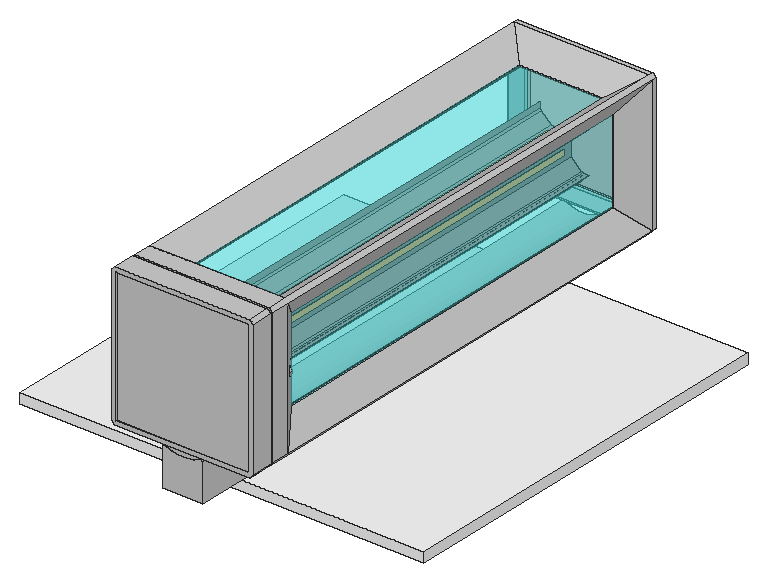
Revit family "BE_24505_de_DE", category Leuchten, Revit 2015
Parameters (values of type "BEGA_24505_Silber_K4")
  built-in parameter 1150104 = 17.754 (stored number, unit not read)
  Wattage = 11.7 W
  Default Elevation = 0 mm
  built-in parameter 1150113 = 1 (stored number, unit not read)
  built-in parameter 1114218 = 1 (stored number, unit not read)
  Umgebungstemperatur = "25 °C"
  URL = "http://www.bega.de/produkt/24505"
  Typenkommentare = "© 2017 BEGA. Wir behalten uns das Recht vor, technische Änderungen ohne vorherige Ankündigung vorzunehmen."  # constant formula
  Type Image = 24505.png
  built-in parameter 1150134 = 12
  built-in parameter 1150109 = 1 (stored number, unit not read)
  Strom = ""
  built-in parameter 1150110 = 1 (stored number, unit not read)
  Spannung = 239.996 V
  Sonderanfertigung = no
  Seriennummer [instance] = "Hier können Sie die eindeutige Seriennummer für das Facility Management eintragen."
  Schutzklasse = "I"
  Schutzart = "IP 65"
  Scheinlast = 0 VA
  Produktdatenblatt = "http://www.bega.de/download/Xrfa/db/24505.db.de.pdf"
  Oberflächentemperatur = ""
  Neigungswinkel = 0.00°
  Modell = "24505AK4"
  Material_17 = BEGA_Reflektor
  Material_15 = BEGA_Leuchtmedium_matt
  Material_12 = BEGA_Kunststoff_klar
  Material_11 = BEGA_Glas_opal
  Material_09 = BEGA_Glas_klar
  Material_06 = BEGA_Oberfläche_Edelstahl_gebürstet
  Material_05 = BEGA_Aluminium Guss
  Material_03 = BEGA_Oberfläche_Weiss_matt
  Material_02 = BEGA_Oberfläche_Silber_matt
  Material_01 [instance] = BEGA_Oberfläche_Grafit_matt
  M_W = no
  M_G = no
  M_A = yes
  Logo = 0
  built-in parameter 1114217 = 1 (stored number, unit not read)
  built-in parameter 1150139 = (empty or 0)
  built-in parameter 1150105 = 177.92 (stored number, unit not read)
  built-in parameter 1150114 = 1 (stored number, unit not read)
  Lumens = 2235.87 lm
  built-in parameter 1150115 = 1 (stored number, unit not read)
  Leuchtenlichtstrom = "1190 lm"
  Leuchtenanzahl = ""
  Lebensdauerkriterien = "L70B50 @ 25 °C = 500000 h"
  Lastklassifizierung = Beleuchtung
  built-in parameter 1150112 = 1 (stored number, unit not read)
  Lampenlichtstrom = "2235 lm"
  Lampe = "LED 11.7 W"
  LED_Modulbezeichnung = "3x LED-0701/840"
  built-in parameter 1150142 = (empty or 0)
  Hersteller = "BEGA"  # constant formula
  Halbstreuwinkel = ""
  Gewicht = "5.1 kg"
  Gebrauchslageneinschränkung [instance] = ""
  Frequenz = "0/50-60 Hz"
  Farbwiedergabeindex = "Ra > 80"
  Farbtemperaturverschiebung bei Dämpfen der Lampe = <Keine Auswahl>
  Farbtemperatur = "4000 K"
  Color Filter = 16777215
  built-in parameter 1150133 = 10 (stored number, unit not read)
  Energieeffizienzklasse = "LED A++ - A"
  built-in parameter 1150137 = (empty or 0)
  built-in parameter 1150132 = (empty or 0)
  ENEC = ""
  Dimmbar [instance] = ""
  Datei für fotometrisches Netz = "BE_24505K4.IES"
  CE_Konformität = "ja"
  Bestellnummer = "24505AK4"
  Beschreibung_Sonderanfertigung = "Hier können Sie Informationen zur Sonderanfertigung eintragen."
  Beschreibung = "Wandleuchte"
  built-in parameter 1150106 = 1.7792 (stored number, unit not read)
  Befestigungsbohrung = "Ø 6 mm"
  Befestigungsabstand = "310 mm"
  Ballwurfsicher = ""
  BEGA_Intern_aus = yes
  BEGA_Intern_an = yes
  BEGA_Intern_Konstruktion = yes
  BEGA_Intern = yes
  BEGA_IES = yes
  BEGA_Dummy = no
  Anschlussleitung = ""
  Anschlussleistung [instance] = "14.6 W"
  Anschlusskasten = ""
  built-in parameter 1150107 = 4000 (stored number, unit not read)
  built-in parameter 1150102 = (empty or 0)
  built-in parameter 1150138 = (empty or 0)
  Aktualisierung = "2017-06-26T04:08:37"
  Abstand_zur_angestrahlten_Fläche [instance] = ""
  AC/DC = "AC/DC"
Types (4, lengths in mm): name | built-in parameter 1150104 | built-in parameter 1150134 | Modell | M_G | M_A | built-in parameter 1150105 | Lumens | Leuchtenlichtstrom | Lampenlichtstrom | LED_Modulbezeichnung | Farbtemperatur | Datei für fotometrisches Netz | Bestellnummer | built-in parameter 1150106 | built-in parameter 1150107
  BEGA_24505_Grafit_K4 | 17.744 (stored number, unit not read) | 12 | "24505K4" | yes | no | 177.83 (stored number, unit not read) | 2234.7 lm | "1190 lm" | "2235 lm" | "3x LED-0701/840" | "4000 K" | "BE_24505K4.IES" | "24505K4" | 1.7783 (stored number, unit not read) | 4000 (stored number, unit not read)
  BEGA_24505_Silber_K3 | 17.271 (stored number, unit not read) | (empty or 0) | "24505A" | no | yes | 173.08 (stored number, unit not read) | 2175.03 lm | "1158 lm" | "2175 lm" | "3x LED-0701/830" | "3000 K" | "BE_24505.IES" | "24505A" | 1.7308 (stored number, unit not read) | 3000 (stored number, unit not read)
  BEGA_24505_Grafit_K3 | 17.271 (stored number, unit not read) | (empty or 0) | "24505" | yes | no | 173.08 (stored number, unit not read) | 2175.03 lm | "1158 lm" | "2175 lm" | "3x LED-0701/830" | "3000 K" | "BE_24505.IES" | "24505" | 1.7308 (stored number, unit not read) | 3000 (stored number, unit not read)
  BEGA_24505_Silber_K4 | 17.754 (stored number, unit not read) | 12 | "24505AK4" | no | yes | 177.92 (stored number, unit not read) | 2235.87 lm | "1190 lm" | "2235 lm" | "3x LED-0701/840" | "4000 K" | "BE_24505K4.IES" | "24505AK4" | 1.7792 (stored number, unit not read) | 4000 (stored number, unit not read)
Reference planes
  plane 1 "Mitte (Vorne/Hinten)": y = 0
  plane 2: z = 0
  plane 3 "Mitte (Links/Rechts)": x = 0
  plane 4 "Links": x = -70.161
  plane 5 "Rechts": x = 70.161
  plane 6 "Unten": y = -249
  plane 7 "Oben": y = 249
  plane 8 "Vorne": z = 180.15
  plane 9 "Hinten": z = 0
Forms (mm)
  Extrusion 1, solid, material "BEGA_Platte_Weiss"
    sketch origin (0, -1119.2, 0) x (1, 0, 0) y (0, 1, 0)
      loop
        line (-200, 1319.2) -> (-200, 919.2) -> (200, 919.2) -> (200, 1319.2) -> (-200, 1319.2)
    from 0 to -10
  Extrusion 2, solid, material "BEGA_Dummy_matt", visible <- "BEGA_Dummy"
    sketch origin (80.095, -76.023, 0) x (1, 0, 0) y (0, 1, 0)
      loop
        line (-150.256, 325.023) -> (-150.256, -172.977) -> (-9.935, -172.977) -> (-9.935, 325.023) -> (-150.256, 325.023)
    from 0 to 180.15
Dimensions and locks
  plane 1 "Mitte (Vorne/Hinten)" to Extrusion 1 = 200 mm
  aligned and locked: plane 2 to Extrusion 1
  aligned and locked: level to Extrusion 1
Nested families
  nested 1: "BE_24505" at (0, 0, 0) x (0, -1, 0) z (0, 0, 1), type "BE_24505"
Connectors
  electrical at (0, 0, 0), driven by "Lastklassifizierung", driven by "Spannung", driven by "Scheinlast"
    settings: index 1, voltage 239.996 V, apparent load 0 VA, apparent load phase1 0 VA, apparent load phase2 0 VA, apparent load phase3 0 VA, power factor 1, load classification "Beleuchtung", number of poles 1, system type 31, power factor state 1, is connector primary yes, connector utility no, sub classification motor no, connector description ""
Definition of nested family "BE_24505"
  Parameters (values of type "BE_24505")
    Default Elevation = 1 mm
    URL = "http://www.bega.de/de/produkt"
    Type Comments = "© 2015 BEGA. Wir behalten uns das Recht vor, technische Änderungen ohne vorherige Ankündigung vorzunehmen. "  # constant formula
    Type Image = (empty or 0)
    Neigungswinkel_um_Z2 = 0.00°
    Neigungswinkel_um_Z1 = 0.00°
    Neigungswinkel_um_Y2 = 0.00°
    Neigungswinkel_um_Y1 = 0.00°
    Neigungswinkel_um_X2 = 0.00°
    Neigungswinkel_um_X1 = 0.00°
    Material_17 = none
    Material_15 = none
    Material_12 = none
    Material_11 = none
    Material_09 = none
    Material_06 = none
    Material_05 = none
    Material_02 = none
    Material_01 = none
    M_W = yes
    M_G = yes
    M_A = yes
    Länge_Platte = 600 mm  # constant formula
    Höhe_Platte = -10 mm  # constant formula
    Manufacturer = "BEGA"  # constant formula
    Drehwinkel_um_Z2 = 0.00°
    Drehwinkel_um_Z1 = 0.00°
    Breite_Platte = 200 mm  # constant formula
  Reference planes
    plane 1 "Mitte (Oben/Unten)": y = 0
    plane 2: z = 0
    plane 3 "Mitte (Links/Rechts)": x = 0
    plane 4: x = -249
    plane 5: x = 249
    plane 6: z = 180.15
    plane 7: y = -70.161
    plane 8: y = 70.161
  Forms (mm)
    Extrusion 1, solid, detail levels medium
      sketch origin (0, 0, 0) x (1, 0, 0) y (0, 1, 0)
        loop
          line (-300, 100) -> (-300, -100) -> (300, -100) -> (300, 100) -> (-300, 100)
      from 0 to -10 <- "Höhe_Platte"
    Sweep 2, solid, material <- "Material_01", visible <- "M_G", detail levels medium+fine
      path origin (0, 0, 0) x (0, 1, 0) y (0, 0, 1)
        loop
          line (70.146, 180.15) -> (-70.15, 180.15) -> (-70.15, 39.85) -> (70.184, 39.85) -> (70.146, 180.15)
      profile origin (0, -0.002, 180.15) x (0, 0, -1) y (1, 0, 0)
        loop
          line (0, -244.532) -> (0, -249) -> (18.685, -249) -> (18.685, -219) -> (17.568, -219) -> (0, -244.532)
    Extrusion 3, solid, material <- "Material_01", visible <- "M_G", detail levels medium+fine
      sketch origin (0, 0, 0) x (1, 0, 0) y (0, 0, 1)
        loop
          line (-249, 161.465) -> (-249, 58.535) -> (-245.054, 58.535) -> (-245.054, 161.465) -> (-249, 161.465)
      from -52.595 to 51.465
    Extrusion 4, solid, material <- "Material_01", visible <- "M_G", detail levels medium+fine
      sketch origin (0, 0, 0) x (0, 1, 0) y (0, 0, 1)
        loop
          line (-18.15, 39.381) -> (-19.981, 37.55) -> (-19.981, 0) -> (-17.481, 0) -> (-17.481, 32) -> (17.568, 32) -> (17.568, 0) -> (20.019, 0) -> (20.019, 37.55) -> (18.176, 39.394)
          arc (18.176, 39.394) -> (0.014, 35.001) -> (-18.15, 39.381) r 39.8
      from -244.532 to 248.5
    Extrusion 5, solid, material <- "Material_01", visible <- "M_G", detail levels medium+fine
      sketch origin (-442, 0, 0) x (0, 1, 0) y (0, 0, 1)
        loop
          line (20.019, 0) -> (20.019, 32) -> (-19.981, 32) -> (-19.981, 0) -> (20.019, 0)
      from 202.986 to 197.468
    Extrusion 6, solid, material <- "Material_01", visible <- "M_G", detail levels medium+fine
      sketch origin (221, 0, 0) x (0, -1, 0) y (0, 0, -1)
        loop
          line (-19.039, -39.85) -> (19.039, -39.85)
          arc (19.039, -39.85) -> (0, -35.001) -> (-19.039, -39.85) r 39.8
      from 25.992 to 27.5
    Sweep 7, solid, material <- "Material_01", visible <- "M_G", detail levels medium+fine
      path origin (0, 0, 0) x (0, 1, 0) y (0, 0, 1)
        loop
          line (70.167, 180.17) -> (-70.17, 180.17) -> (-70.17, 39.83) -> (70.204, 39.83) -> (70.167, 180.17)
      profile origin (0, -0.002, 180.17) x (0, 0, -1) y (1, 0, 0)
        loop
          line (0.02, 249) -> (0.02, 227.5) -> (2.708, 227.5) -> (2.708, 224.393) -> (0.051, 224.393) -> (0.051, 205.979) -> (17.378, 180.943) -> (18.674, 180.943) -> (18.674, 205.66) -> (4.17, 205.66) -> (4.17, 249) -> (0.02, 249)
    Extrusion 8, solid, material <- "Material_01", visible <- "M_G", detail levels medium+fine
      sketch origin (0, 0, 0) x (1, 0, 0) y (0, 0, 1)
        loop
          line (245, 176) -> (245, 44) -> (248, 44) -> (248, 176) -> (245, 176)
      from -66.032 to 66
    Extrusion 9, solid, material <- "Material_01", visible <- "M_G", detail levels medium+fine
      sketch origin (0, 0, 0) x (0, 1, 0) y (0, 0, 1)
        loop
          line (66.713, 180.12) -> (41.667, 162.582) -> (52.585, 162.582) -> (52.585, 151.671) -> (70.117, 176.708) -> (70.117, 180.12) -> (66.713, 180.12)
        loop
          line (-66.713, 180.12) -> (-70.117, 180.12) -> (-70.117, 176.708) -> (-52.585, 151.671) -> (-52.585, 162.582) -> (-41.667, 162.582) -> (-66.713, 180.12)
        loop
          line (66.713, 39.881) -> (70.117, 39.881) -> (70.117, 43.292) -> (52.585, 68.329) -> (52.585, 57.418) -> (41.667, 57.418) -> (66.713, 39.881)
        loop
          line (-66.713, 39.881) -> (-41.667, 57.418) -> (-52.585, 57.418) -> (-52.585, 68.329) -> (-70.117, 43.292) -> (-70.117, 39.881) -> (-66.713, 39.881)
      from -244.532 to 207.82
    Extrusion 10, solid, material <- "Material_01", visible <- "M_G", detail levels medium+fine
      sketch origin (0, 0, 0) x (1, 0, 0) y (0, 1, 0)
        loop
          line (-166.3, 17.568) -> (-166.3, -17.481) -> (-132.3, -17.481) -> (-132.3, 17.568) -> (-166.3, 17.568)
        loop
          arc (-147.91, -3) -> (-137.8, 0) -> (-147.91, 3) r 5.5
          line (-147.91, 3) -> (-157.3, 3)
          arc (-157.3, 3) -> (-160.3, 0) -> (-157.3, -3) r 3
          line (-157.3, -3) -> (-147.91, -3)
        loop
          line (177.7, 17.568) -> (143.7, 17.568) -> (143.7, -17.481) -> (177.7, -17.481) -> (177.7, 17.568)
        loop
          arc (161.59, -3) -> (171.7, 0) -> (161.59, 3) r 5.5
          line (161.59, 3) -> (152.2, 3)
          arc (152.2, 3) -> (149.2, 0) -> (152.2, -3) r 3
          line (152.2, -3) -> (161.59, -3)
      from 0.19 to 3
    Revolve 11, void
      sketch origin (0, 0, 0) x (1, 0, 0) y (0, 0, 1)
        loop
          line (221, 49.352) -> (221, 28.319) -> (226, 28.319) -> (226, 49.352) -> (221, 49.352)
        axis (226, 49.352) -> (226, 28.319)
      angle from 0 to 360
    Extrusion 12, solid, material <- "Material_12", detail levels medium+fine
      sketch origin (0, 0, 0) x (0, 1, 0) y (0, 0, 1)
        loop
          line (45, 160) -> (-45, 160)
          arc (-45, 160) -> (-48.536, 158.536) -> (-50, 155) r 5
          line (-50, 155) -> (-50, 65)
          arc (-50, 65) -> (-48.536, 61.464) -> (-45, 60) r 5
          line (-45, 60) -> (45, 60)
          arc (45, 60) -> (48.536, 61.464) -> (50, 65) r 5
          line (50, 65) -> (50, 155)
          arc (50, 155) -> (48.536, 158.536) -> (45, 160) r 5
        loop
          line (45, 157) -> (-45, 157)
          arc (-45, 157) -> (-46.414, 156.414) -> (-47, 155) r 2
          line (-47, 155) -> (-47, 65)
          arc (-47, 65) -> (-46.414, 63.586) -> (-45, 63) r 2
          line (-45, 63) -> (45, 63)
          arc (45, 63) -> (46.414, 63.586) -> (47, 65) r 2
          line (47, 65) -> (47, 155)
          arc (47, 155) -> (46.414, 156.414) -> (45, 157) r 2
      from -236.305 to 210.868
    Extrusion 13, solid, material <- "Material_15", detail levels medium+fine
      sketch origin (0, 0, 0) x (1, 0, 0) y (0, 0, 1)
        loop
          line (-205.546, 122.05) -> (167.5, 122.05) -> (167.5, 123.025) -> (-205.546, 123.025) -> (-205.546, 122.05)
      from 2.75 to -2.75
    Extrusion 14, solid, material <- "Material_05", detail levels medium+fine
      sketch origin (0, 0, 0) x (0, 1, 0) y (0, 0, 1)
        loop
          line (9.5, 120.5) -> (-9.5, 120.5) -> (-19.228, 130.228)
          arc (-19.228, 130.228) -> (-19.878, 131.201) -> (-20.107, 132.349) r 3
          line (-20.107, 132.349) -> (-20.107, 137.99)
          arc (-20.107, 137.99) -> (-21.129, 136.902) -> (-21.5, 135.456) r 3
          line (-21.5, 135.456) -> (-21.5, 134)
          arc (-21.5, 134) -> (-22.379, 131.879) -> (-24.5, 131) r 3
          line (-24.5, 131) -> (-25.956, 131)
          arc (-25.956, 131) -> (-27.402, 130.629) -> (-28.489, 129.607) r 3
          line (-28.489, 129.607) -> (-22.849, 129.607)
          arc (-22.849, 129.607) -> (-21.696, 129.377) -> (-20.721, 128.721) r 3
          line (-20.721, 128.721) -> (-11, 119) -> (-11, 100) -> (-20.721, 90.28)
          arc (-20.721, 90.28) -> (-21.696, 89.624) -> (-22.849, 89.394) r 3
          line (-22.849, 89.394) -> (-28.489, 89.394)
          arc (-28.489, 89.394) -> (-27.402, 88.372) -> (-25.956, 88) r 3
          line (-25.956, 88) -> (-24.5, 88)
          arc (-24.5, 88) -> (-22.379, 87.122) -> (-21.5, 85) r 3
          line (-21.5, 85) -> (-21.5, 83.544)
          arc (-21.5, 83.544) -> (-21.129, 82.099) -> (-20.107, 81.011) r 3
          line (-20.107, 81.011) -> (-20.107, 86.651)
          arc (-20.107, 86.651) -> (-19.878, 87.799) -> (-19.228, 88.772) r 3
          line (-19.228, 88.772) -> (-9.5, 98.5) -> (9.5, 98.5) -> (19.228, 88.772)
          arc (19.228, 88.772) -> (19.878, 87.799) -> (20.107, 86.651) r 3
          line (20.107, 86.651) -> (20.107, 81.011)
          arc (20.107, 81.011) -> (21.129, 82.099) -> (21.5, 83.544) r 3
          line (21.5, 83.544) -> (21.5, 85)
          arc (21.5, 85) -> (22.379, 87.122) -> (24.5, 88) r 3
          line (24.5, 88) -> (25.956, 88)
          arc (25.956, 88) -> (27.402, 88.372) -> (28.489, 89.394) r 3
          line (28.489, 89.394) -> (22.849, 89.394)
          arc (22.849, 89.394) -> (21.696, 89.624) -> (20.721, 90.28) r 3
          line (20.721, 90.28) -> (11, 100) -> (11, 119) -> (20.721, 128.721)
          arc (20.721, 128.721) -> (21.696, 129.377) -> (22.849, 129.607) r 3
          line (22.849, 129.607) -> (28.489, 129.607)
          arc (28.489, 129.607) -> (27.402, 130.629) -> (25.956, 131) r 3
          line (25.956, 131) -> (24.5, 131)
          arc (24.5, 131) -> (22.379, 131.879) -> (21.5, 134) r 3
          line (21.5, 134) -> (21.5, 135.456)
          arc (21.5, 135.456) -> (21.129, 136.902) -> (20.107, 137.99) r 3
          line (20.107, 137.99) -> (20.107, 132.349)
          arc (20.107, 132.349) -> (19.878, 131.201) -> (19.228, 130.228) r 3
          line (19.228, 130.228) -> (9.5, 120.5)
      from -218 to 185.411
    Extrusion 15, void
      sketch origin (0, 0, 0) x (0, 1, 0) y (0, 0, 1)
        loop
          line (-60.75, 116.169) -> (-67.462, 116.169) -> (-67.462, 103.831) -> (-60.75, 103.831)
          arc (-60.75, 103.831) -> (-54.421, 110) -> (-60.75, 116.169) r 6.171
        loop
          arc (60.75, 116.169) -> (54.421, 110) -> (60.75, 103.831) r 6.171
          line (60.75, 103.831) -> (67.462, 103.831) -> (67.462, 116.169) -> (60.75, 116.169)
      from 180.943 to 201.245
    Extrusion 16, solid, material <- "Material_06", detail levels fine
      sketch origin (0, 0, 0) x (0, 1, 0) y (0, 0, 1)
        loop
          circle (60.75, 110) r 5
        loop
          circle (-60.75, 110) r 5
      from 195.728 to 203.776
    Revolve 17, void
      sketch origin (0, -56.95, 0) x (1, 0, 0) y (0, 0, -1)
        loop
          line (-248.004, -56.25) -> (-246.427, -56.25) -> (-246.427, -53.05) -> (-249.014, -53.05) -> (-249.014, -57.26) -> (-248.004, -56.25)
        axis (-249.014, -53.05) -> (-246.427, -53.05)
      angle from 0 to 360
    Revolve 18, solid, material <- "Material_06", detail levels fine
      sketch origin (0, -56.95, 0) x (1, 0, 0) y (0, 0, -1)
        loop
          line (-249, -57.216) -> (-248.013, -56.229) -> (-248.013, -53.05) -> (-249, -53.05) -> (-249, -57.216)
        axis (-249, -53.05) -> (-248, -53.05)
      angle from 0 to 360
    Extrusion 19, solid, material <- "Material_15", detail levels medium+fine
      sketch origin (0, -135.575, 109.777) x (1, 0, 0) y (0, 0.999998, -0.002156)
        loop
          line (-205.546, 122.05) -> (167.5, 122.05) -> (167.5, 123.025) -> (-205.546, 123.025) -> (-205.546, 122.05)
      from 2.75 to -2.75
    Extrusion 20, solid, material <- "Material_15", detail levels medium+fine
      sketch origin (0, 135.575, 109.777) x (1, 0, 0) y (0, 0.999998, 0.002156)
        loop
          line (-205.546, -122.05) -> (-205.546, -123.025) -> (167.5, -123.025) -> (167.5, -122.05) -> (-205.546, -122.05)
      from 2.75 to -2.75
    Extrusion 21, solid, material <- "Material_01", visible <- "M_G", detail levels medium+fine
      sketch origin (442, 0, 0) x (0, 1, 0) y (0, 0, -1)
        loop
          line (20.019, 0) -> (-19.981, 0) -> (-19.981, -32) -> (20.019, -32) -> (20.019, 0)
      from 193.5 to 196.387
    Revolve 22, void
      sketch origin (0, 56.95, 0) x (1, 0, 0) y (0, 0, 1)
        loop
          line (-248.004, 56.25) -> (-249.014, 57.26) -> (-249.014, 53.05) -> (-246.427, 53.05) -> (-246.427, 56.25) -> (-248.004, 56.25)
        axis (-249.014, 53.05) -> (-246.427, 53.05)
      angle from 0 to 360
    Revolve 23, solid, material <- "Material_06", detail levels fine
      sketch origin (0, 56.95, 0) x (1, 0, 0) y (0, 0, 1)
        loop
          line (-249, 57.216) -> (-249, 53.05) -> (-248.013, 53.05) -> (-248.013, 56.229) -> (-249, 57.216)
        axis (-249, 53.05) -> (-248, 53.05)
      angle from 0 to 360
    Revolve 24, void
      sketch origin (0, -56.95, 220) x (1, 0, 0) y (0, 0, -1)
        loop
          line (-248.004, 56.25) -> (-249.014, 57.26) -> (-249.014, 53.05) -> (-246.427, 53.05) -> (-246.427, 56.25) -> (-248.004, 56.25)
        axis (-249.014, 53.05) -> (-246.427, 53.05)
      angle from 0 to 360
    Revolve 25, solid, material <- "Material_06", detail levels fine
      sketch origin (0, -56.95, 220) x (1, 0, 0) y (0, 0, -1)
        loop
          line (-249, 57.216) -> (-249, 53.05) -> (-248.013, 53.05) -> (-248.013, 56.229) -> (-249, 57.216)
        axis (-249, 53.05) -> (-248, 53.05)
      angle from 0 to 360
    Revolve 26, void
      sketch origin (0, 56.95, 220) x (1, 0, 0) y (0, 0, 1)
        loop
          line (-248.004, -56.25) -> (-246.427, -56.25) -> (-246.427, -53.05) -> (-249.014, -53.05) -> (-249.014, -57.26) -> (-248.004, -56.25)
        axis (-249.014, -53.05) -> (-246.427, -53.05)
      angle from 0 to 360
    Revolve 27, solid, material <- "Material_06", detail levels fine
      sketch origin (0, 56.95, 220) x (1, 0, 0) y (0, 0, 1)
        loop
          line (-249, -57.216) -> (-248.013, -56.229) -> (-248.013, -53.05) -> (-249, -53.05) -> (-249, -57.216)
        axis (-249, -53.05) -> (-248, -53.05)
      angle from 0 to 360
    Extrusion 28, void
      sketch origin (0, 0, 0) x (0, 1, 0) y (0, 0, 1)
        loop
          line (70.332, 176.55) -> (70.332, 180.338) -> (66.544, 180.338) -> (70.332, 176.55)
        loop
          line (-70.332, 176.55) -> (-66.544, 180.338) -> (-70.332, 180.338) -> (-70.332, 176.55)
        loop
          line (-70.332, 43.4) -> (-70.332, 39.612) -> (-66.544, 39.612) -> (-70.332, 43.4)
        loop
          line (66.356, 39.529) -> (70.477, 39.529) -> (70.477, 43.65) -> (66.356, 39.529)
      from -255.262 to 252.745
    Extrusion 29, solid, material <- "Material_02", visible <- "M_A", detail levels medium+fine
      sketch origin (0, 0, 0) x (0, 1, 0) y (0, 0, 1)
        loop
          line (-18.15, 39.381) -> (-19.981, 37.55) -> (-19.981, 0) -> (-17.481, 0) -> (-17.481, 32) -> (17.568, 32) -> (17.568, 0) -> (20.019, 0) -> (20.019, 37.55) -> (18.176, 39.394)
          arc (18.176, 39.394) -> (0.014, 35.001) -> (-18.15, 39.381) r 39.8
      from -244.532 to 248.5
    Extrusion 30, solid, material <- "Material_02", visible <- "M_A", detail levels medium+fine
      sketch origin (-442, 0, 0) x (0, 1, 0) y (0, 0, 1)
        loop
          line (20.019, 0) -> (20.019, 32) -> (-19.981, 32) -> (-19.981, 0) -> (20.019, 0)
      from 202.986 to 197.468
    Extrusion 31, solid, material <- "Material_02", visible <- "M_A", detail levels medium+fine
      sketch origin (0, 0, 0) x (1, 0, 0) y (0, 1, 0)
        loop
          line (-166.3, 17.568) -> (-166.3, -17.481) -> (-132.3, -17.481) -> (-132.3, 17.568) -> (-166.3, 17.568)
        loop
          arc (-147.91, -3) -> (-137.8, 0) -> (-147.91, 3) r 5.5
          line (-147.91, 3) -> (-157.3, 3)
          arc (-157.3, 3) -> (-160.3, 0) -> (-157.3, -3) r 3
          line (-157.3, -3) -> (-147.91, -3)
        loop
          line (177.7, 17.568) -> (143.7, 17.568) -> (143.7, -17.481) -> (177.7, -17.481) -> (177.7, 17.568)
        loop
          arc (161.59, -3) -> (171.7, 0) -> (161.59, 3) r 5.5
          line (161.59, 3) -> (152.2, 3)
          arc (152.2, 3) -> (149.2, 0) -> (152.2, -3) r 3
          line (152.2, -3) -> (161.59, -3)
      from 0.19 to 3
    Extrusion 32, solid, material <- "Material_02", visible <- "M_A", detail levels medium+fine
      sketch origin (442, 0, 0) x (0, 1, 0) y (0, 0, -1)
        loop
          line (20.019, 0) -> (-19.981, 0) -> (-19.981, -32) -> (20.019, -32) -> (20.019, 0)
      from 193.5 to 196.387
    Sweep 33, solid, material <- "Material_02", visible <- "M_A", detail levels medium+fine
      path origin (0, 0, 0) x (0, 1, 0) y (0, 0, 1)
        loop
          line (70.146, 180.15) -> (-70.15, 180.15) -> (-70.15, 39.85) -> (70.184, 39.85) -> (70.146, 180.15)
      profile origin (0, -0.002, 180.15) x (0, 0, -1) y (1, 0, 0)
        loop
          line (0, -244.532) -> (0, -249) -> (18.685, -249) -> (18.685, -219) -> (17.568, -219) -> (0, -244.532)
    Extrusion 34, solid, material <- "Material_02", visible <- "M_A", detail levels medium+fine
      sketch origin (0, 0, 0) x (1, 0, 0) y (0, 0, 1)
        loop
          line (-249, 161.465) -> (-249, 58.535) -> (-245.054, 58.535) -> (-245.054, 161.465) -> (-249, 161.465)
      from -52.595 to 51.465
    Extrusion 35, solid, material <- "Material_02", visible <- "M_A", detail levels medium+fine
      sketch origin (221, 0, 0) x (0, -1, 0) y (0, 0, -1)
        loop
          line (-19.039, -39.85) -> (19.039, -39.85)
          arc (19.039, -39.85) -> (0, -35.001) -> (-19.039, -39.85) r 39.8
      from 25.992 to 27.5
    Sweep 36, solid, material <- "Material_02", visible <- "M_A", detail levels medium+fine
      path origin (0, 0, 0) x (0, 1, 0) y (0, 0, 1)
        loop
          line (70.167, 180.17) -> (-70.17, 180.17) -> (-70.17, 39.83) -> (70.204, 39.83) -> (70.167, 180.17)
      profile origin (0, -0.002, 180.17) x (0, 0, -1) y (1, 0, 0)
        loop
          line (0.02, 249) -> (0.02, 227.5) -> (2.708, 227.5) -> (2.708, 224.393) -> (0.051, 224.393) -> (0.051, 205.979) -> (17.378, 180.943) -> (18.674, 180.943) -> (18.674, 205.66) -> (4.17, 205.66) -> (4.17, 249) -> (0.02, 249)
    Extrusion 37, solid, material <- "Material_02", visible <- "M_A", detail levels medium+fine
      sketch origin (0, 0, 0) x (1, 0, 0) y (0, 0, 1)
        loop
          line (245, 176) -> (245, 44) -> (248, 44) -> (248, 176) -> (245, 176)
      from -66.032 to 66
    Extrusion 38, solid, material <- "Material_02", visible <- "M_A", detail levels medium+fine
      sketch origin (0, 0, 0) x (0, 1, 0) y (0, 0, 1)
        loop
          line (66.713, 180.12) -> (41.667, 162.582) -> (52.585, 162.582) -> (52.585, 151.671) -> (70.117, 176.708) -> (70.117, 180.12) -> (66.713, 180.12)
        loop
          line (-66.713, 180.12) -> (-70.117, 180.12) -> (-70.117, 176.708) -> (-52.585, 151.671) -> (-52.585, 162.582) -> (-41.667, 162.582) -> (-66.713, 180.12)
        loop
          line (66.713, 39.881) -> (70.117, 39.881) -> (70.117, 43.292) -> (52.585, 68.329) -> (52.585, 57.418) -> (41.667, 57.418) -> (66.713, 39.881)
        loop
          line (-66.713, 39.881) -> (-41.667, 57.418) -> (-52.585, 57.418) -> (-52.585, 68.329) -> (-70.117, 43.292) -> (-70.117, 39.881) -> (-66.713, 39.881)
      from -244.532 to 207.82
  Cuts and joins
    Revolve 11 cuts Extrusion 4
    Revolve 11 cuts Extrusion 5
    Revolve 11 cuts Extrusion 10
    joined: Extrusion 4, Extrusion 5, Extrusion 10, Extrusion 21
    Revolve 17, Revolve 22, Revolve 24, Revolve 26, Extrusion 28 cuts Sweep 2
    Revolve 17, Revolve 22, Revolve 24, Revolve 26, Extrusion 28 cuts Extrusion 3
    Revolve 17, Revolve 22, Revolve 24, Revolve 26, Extrusion 28 cuts Extrusion 6
    Extrusion 15, Revolve 17, Revolve 22, Revolve 24, Revolve 26, Extrusion 28 cuts Sweep 7
    Revolve 17, Revolve 22, Revolve 24, Revolve 26, Extrusion 28 cuts Extrusion 8
    Revolve 17, Revolve 22, Revolve 24, Revolve 26, Extrusion 28 cuts Extrusion 9
    joined: Sweep 2, Extrusion 3, Extrusion 6, Sweep 7, Extrusion 8, Extrusion 9
    Revolve 11 cuts Extrusion 29
    joined: Extrusion 29, Extrusion 30, Extrusion 31, Extrusion 32
    Revolve 17, Revolve 22, Revolve 24, Revolve 26, Extrusion 28 cuts Sweep 33
    Extrusion 15, Extrusion 28 cuts Sweep 36
    Extrusion 28 cuts Extrusion 38
    joined: Sweep 33, Extrusion 34, Extrusion 35, Sweep 36, Extrusion 37, Extrusion 38
  Lines and regions (mm)
    model lines
      curve 1: line (0, 46.86, 52.415) -> (0, 58.624, 40.651)
  Dimensions and locks
    equal spacing: Extrusion 1 sketch curve, plane 3 "Mitte (Links/Rechts)", Extrusion 1 sketch curve
    equal spacing: Extrusion 1 sketch curve, plane 1 "Mitte (Oben/Unten)", Extrusion 1 sketch curve
    "Länge_Platte": Extrusion 1 sketch curve to Extrusion 1 sketch curve
    "Breite_Platte": Extrusion 1 sketch curve to Extrusion 1 sketch curve
    aligned and locked: Extrusion 1 to plane 2
    aligned and locked: level to Extrusion 1
  Automatic sketch dimensions
    level to curve 1 = 40.651 mm
    curve 1 to curve 1 = 11.764 mm  (x2)
    level to Sweep 2 sketch curve = 39.85 mm
    Sweep 2 sketch curve to profile plane = 0 mm
    Sweep 2 sketch curve to profile plane = 17.568 mm
    Sweep 2 sketch curve to Sweep 2 sketch curve = 1.117 mm
    Sweep 2 sketch curve to plane 3 "Mitte (Links/Rechts)" = 249 mm
    Sweep 2 sketch curve to Sweep 2 sketch curve = 4.468 mm
    Sweep 2 sketch curve to Sweep 2 sketch curve = 30 mm
    Extrusion 3 sketch curve to Extrusion 3 sketch curve = 3.946 mm
    level to Extrusion 3 sketch curve = 58.535 mm
    Extrusion 4 sketch curve to level = 0 mm  (x2)
    Extrusion 4 sketch curve to plane 1 "Mitte (Oben/Unten)" = 0 mm
    plane 1 "Mitte (Oben/Unten)" to Extrusion 4 sketch curve = 17.481 mm
    Extrusion 4 sketch curve to Extrusion 4 sketch curve = 0.669 mm
    Extrusion 4 sketch curve to Extrusion 4 sketch curve = 1.831 mm  (x2)
    Extrusion 4 sketch curve to plane 1 "Mitte (Oben/Unten)" = 17.568 mm
    Extrusion 4 sketch curve to Extrusion 4 sketch curve = 0.608 mm
    Extrusion 4 sketch curve to Extrusion 4 sketch curve = 1.843 mm
    level to Extrusion 4 sketch curve = 32 mm
    Extrusion 4 sketch curve to Extrusion 4 sketch curve = 5.55 mm  (x2)
    Extrusion 4 sketch curve to Extrusion 4 sketch curve = 1.844 mm
    Extrusion 5 sketch curve to level = 0 mm
    plane 1 "Mitte (Oben/Unten)" to Extrusion 5 sketch curve = 19.981 mm
    Extrusion 5 sketch curve to plane 1 "Mitte (Oben/Unten)" = 20.019 mm
    level to Extrusion 5 sketch curve = 32 mm
    Extrusion 6 sketch curve to plane 1 "Mitte (Oben/Unten)" = 0 mm
    Extrusion 6 sketch curve to plane 1 "Mitte (Oben/Unten)" = 19.039 mm
    level to Extrusion 6 sketch curve = 74.801 mm
    Extrusion 6 sketch curve to Extrusion 6 sketch curve = 34.951 mm
    level to Sweep 7 sketch curve = 39.83 mm
    Sweep 7 sketch curve to profile plane = 0.02 mm
    Sweep 7 sketch curve to profile plane = 0.051 mm
    Sweep 7 sketch curve to Sweep 7 sketch curve = 2.688 mm
    Sweep 7 sketch curve to Sweep 7 sketch curve = 4.15 mm
    Sweep 7 sketch curve to profile plane = 17.378 mm
    Sweep 7 sketch curve to Sweep 7 sketch curve = 14.504 mm
    plane 3 "Mitte (Links/Rechts)" to Sweep 7 sketch curve = 180.943 mm
    Sweep 7 sketch curve to Sweep 7 sketch curve = 24.718 mm
    Sweep 7 sketch curve to Sweep 7 sketch curve = 0.319 mm
    Sweep 7 sketch curve to Sweep 7 sketch curve = 18.413 mm
    Sweep 7 sketch curve to Sweep 7 sketch curve = 3.107 mm
    Sweep 7 sketch curve to Sweep 7 sketch curve = 21.5 mm
    Extrusion 8 sketch curve to Extrusion 8 sketch curve = 3 mm
    level to Extrusion 8 sketch curve = 44 mm
    Extrusion 9 sketch curve to Extrusion 9 sketch curve = 3.404 mm  (x4)
    Extrusion 9 sketch curve to Extrusion 9 sketch curve = 10.919 mm  (x4)
    level to Extrusion 9 sketch curve = 68.329 mm  (x2)
    Extrusion 9 sketch curve to Extrusion 9 sketch curve = 10.911 mm  (x4)
    Extrusion 9 sketch curve to Extrusion 9 sketch curve = 14.126 mm  (x4)
    Extrusion 9 sketch curve to Extrusion 9 sketch curve = 3.411 mm  (x4)
    plane 1 "Mitte (Oben/Unten)" to Extrusion 10 sketch curve = 0 mm  (x4)
    Extrusion 10 sketch curve to plane 1 "Mitte (Oben/Unten)" = 17.568 mm  (x2)
    plane 1 "Mitte (Oben/Unten)" to Extrusion 10 sketch curve = 3 mm  (x2)
    Extrusion 10 sketch curve to Extrusion 10 sketch curve = 9 mm
    Extrusion 10 sketch curve to Extrusion 10 sketch curve = 9.39 mm  (x2)
    Extrusion 10 sketch curve to Extrusion 10 sketch curve = 4.61 mm  (x2)
    Extrusion 10 sketch curve to Extrusion 10 sketch curve = 11 mm
    Extrusion 10 sketch curve to Extrusion 10 sketch curve = 8.5 mm
    Extrusion 10 sketch curve to Extrusion 10 sketch curve = 11.5 mm
    Extrusion 10 sketch curve to Extrusion 10 sketch curve = 14.481 mm  (x2)
    level to Revolve 11 sketch curve = 28.319 mm
    Revolve 11 sketch curve to Revolve 11 sketch curve = 21.033 mm
    Revolve 11 sketch curve to Revolve 11 sketch curve = 0 mm  (x2)
    Revolve 11 sketch curve to Revolve 11 sketch curve = 8.375 mm
    Extrusion 12 sketch curve to Extrusion 12 sketch curve = 0 mm  (x10)
    Extrusion 12 sketch curve to Extrusion 12 sketch curve = 3 mm
    Extrusion 12 sketch curve to Extrusion 12 sketch curve = 2 mm  (x3)
    level to Extrusion 12 sketch curve = 65 mm
    Extrusion 13 sketch curve to Extrusion 13 sketch curve = 0.975 mm
    plane 1 "Mitte (Oben/Unten)" to Extrusion 14 sketch curve = 28.489 mm  (x2)
    Extrusion 14 sketch curve to Extrusion 14 sketch curve = 2.534 mm  (x5)
    Extrusion 14 sketch curve to Extrusion 14 sketch curve = 1.456 mm  (x8)
    Extrusion 14 sketch curve to Extrusion 14 sketch curve = 3.107 mm  (x2)
    Extrusion 14 sketch curve to Extrusion 14 sketch curve = 1.651 mm  (x5)
    Extrusion 14 sketch curve to Extrusion 14 sketch curve = 3 mm  (x8)
    Extrusion 14 sketch curve to Extrusion 14 sketch curve = 2.129 mm  (x4)
    Extrusion 14 sketch curve to Extrusion 14 sketch curve = 1.393 mm  (x10)
    Extrusion 14 sketch curve to Extrusion 14 sketch curve = 1.607 mm
    plane 1 "Mitte (Oben/Unten)" to Extrusion 14 sketch curve = 11 mm
    Extrusion 14 sketch curve to Extrusion 14 sketch curve = 1.5 mm  (x6)
    Extrusion 14 sketch curve to plane 1 "Mitte (Oben/Unten)" = 9.5 mm  (x2)
    Extrusion 14 sketch curve to Extrusion 14 sketch curve = 7.607 mm  (x4)
    Extrusion 14 sketch curve to Extrusion 14 sketch curve = 0.614 mm  (x2)
    Extrusion 14 sketch curve to Extrusion 14 sketch curve = 0.886 mm  (x2)
    Extrusion 14 sketch curve to Extrusion 14 sketch curve = 8.221 mm
    Extrusion 14 sketch curve to Extrusion 14 sketch curve = 19 mm  (x2)
    Extrusion 14 sketch curve to Extrusion 14 sketch curve = 2.114 mm  (x2)
    Extrusion 14 sketch curve to Extrusion 14 sketch curve = 1.493 mm  (x4)
    Extrusion 14 sketch curve to Extrusion 14 sketch curve = 0 mm  (x8)
    Extrusion 15 sketch curve to Extrusion 15 sketch curve = 6.712 mm  (x2)
    Extrusion 15 sketch curve to Extrusion 15 sketch curve = 6.169 mm  (x2)
    Revolve 17 sketch curve to Revolve 17 sketch curve = 1.01 mm  (x2)
    Revolve 17 sketch curve to Revolve 17 sketch curve = 1.577 mm
    level to Revolve 17 sketch curve = 57.26 mm
    Revolve 17 sketch curve to Revolve 17 sketch curve = 3.2 mm
    Revolve 17 sketch curve to Revolve 17 sketch curve = 0 mm  (x3)
    Revolve 18 sketch curve to Revolve 18 sketch curve = 0.987 mm  (x2)
    level to Revolve 18 sketch curve = 57.216 mm
    Revolve 18 sketch curve to Revolve 18 sketch curve = 3.179 mm
    Revolve 18 sketch curve to Revolve 18 sketch curve = 0.058 mm
    Revolve 18 sketch curve to Revolve 18 sketch curve = 0.191 mm
    Revolve 18 sketch curve to Revolve 18 sketch curve = 0 mm
    Extrusion 19 sketch curve to Extrusion 19 sketch curve = 0.975 mm
    Extrusion 20 sketch curve to Extrusion 20 sketch curve = 0.975 mm
    Extrusion 21 sketch curve to level = 0 mm
    plane 1 "Mitte (Oben/Unten)" to Extrusion 21 sketch curve = 19.981 mm
    Extrusion 21 sketch curve to plane 1 "Mitte (Oben/Unten)" = 20.019 mm
    level to Extrusion 21 sketch curve = 32 mm
    Revolve 22 sketch curve to Revolve 22 sketch curve = 1.01 mm  (x2)
    Revolve 22 sketch curve to Revolve 22 sketch curve = 1.577 mm
    level to Revolve 22 sketch curve = 53.05 mm
    Revolve 22 sketch curve to Revolve 22 sketch curve = 3.2 mm
    Revolve 22 sketch curve to Revolve 22 sketch curve = 0 mm  (x3)
    Revolve 23 sketch curve to Revolve 23 sketch curve = 0.987 mm  (x2)
    level to Revolve 23 sketch curve = 53.05 mm
    Revolve 23 sketch curve to Revolve 23 sketch curve = 3.179 mm
    Revolve 23 sketch curve to Revolve 23 sketch curve = 0.058 mm
    Revolve 23 sketch curve to Revolve 23 sketch curve = 0.191 mm
    Revolve 23 sketch curve to Revolve 23 sketch curve = 0 mm
    Revolve 24 sketch curve to Revolve 24 sketch curve = 1.01 mm  (x2)
    Revolve 24 sketch curve to Revolve 24 sketch curve = 1.577 mm
    Revolve 24 sketch curve to Revolve 24 sketch curve = 3.2 mm
    Revolve 24 sketch curve to Revolve 24 sketch curve = 0 mm  (x3)
    Revolve 25 sketch curve to Revolve 25 sketch curve = 0.987 mm  (x2)
    Revolve 25 sketch curve to Revolve 25 sketch curve = 3.179 mm
    Revolve 25 sketch curve to Revolve 25 sketch curve = 0.058 mm
    Revolve 25 sketch curve to Revolve 25 sketch curve = 0.191 mm
    Revolve 25 sketch curve to Revolve 25 sketch curve = 0 mm
    Revolve 26 sketch curve to Revolve 26 sketch curve = 1.01 mm  (x2)
    Revolve 26 sketch curve to Revolve 26 sketch curve = 1.577 mm
    Revolve 26 sketch curve to Revolve 26 sketch curve = 3.2 mm
    Revolve 26 sketch curve to Revolve 26 sketch curve = 0 mm  (x3)
    Revolve 27 sketch curve to Revolve 27 sketch curve = 0.987 mm  (x2)
    Revolve 27 sketch curve to Revolve 27 sketch curve = 3.179 mm
    Revolve 27 sketch curve to Revolve 27 sketch curve = 0.058 mm
    Revolve 27 sketch curve to Revolve 27 sketch curve = 0.191 mm
    Revolve 27 sketch curve to Revolve 27 sketch curve = 0 mm
    Extrusion 28 sketch curve to Extrusion 28 sketch curve = 3.788 mm  (x3)
    Extrusion 28 sketch curve to Extrusion 28 sketch curve = 4.12 mm  (x2)
    level to Extrusion 28 sketch curve = 39.529 mm
    level to Extrusion 28 sketch curve = 39.612 mm
    Extrusion 28 sketch curve to Extrusion 28 sketch curve = 3.787 mm  (x3)
    Extrusion 29 sketch curve to level = 0 mm  (x2)
    Extrusion 29 sketch curve to plane 1 "Mitte (Oben/Unten)" = 0 mm
    plane 1 "Mitte (Oben/Unten)" to Extrusion 29 sketch curve = 17.481 mm
    Extrusion 29 sketch curve to Extrusion 29 sketch curve = 0.669 mm
    Extrusion 29 sketch curve to Extrusion 29 sketch curve = 1.831 mm  (x2)
    Extrusion 29 sketch curve to plane 1 "Mitte (Oben/Unten)" = 17.568 mm
    Extrusion 29 sketch curve to Extrusion 29 sketch curve = 0.608 mm
    Extrusion 29 sketch curve to Extrusion 29 sketch curve = 1.843 mm
    level to Extrusion 29 sketch curve = 32 mm
    Extrusion 29 sketch curve to Extrusion 29 sketch curve = 5.55 mm  (x2)
    Extrusion 29 sketch curve to Extrusion 29 sketch curve = 1.844 mm
    Extrusion 30 sketch curve to level = 0 mm
    plane 1 "Mitte (Oben/Unten)" to Extrusion 30 sketch curve = 19.981 mm
    Extrusion 30 sketch curve to plane 1 "Mitte (Oben/Unten)" = 20.019 mm
    level to Extrusion 30 sketch curve = 32 mm
    plane 1 "Mitte (Oben/Unten)" to Extrusion 31 sketch curve = 0 mm  (x4)
    Extrusion 31 sketch curve to plane 1 "Mitte (Oben/Unten)" = 17.568 mm  (x2)
    plane 1 "Mitte (Oben/Unten)" to Extrusion 31 sketch curve = 3 mm  (x2)
    Extrusion 31 sketch curve to Extrusion 31 sketch curve = 9 mm
    Extrusion 31 sketch curve to Extrusion 31 sketch curve = 9.39 mm  (x2)
    Extrusion 31 sketch curve to Extrusion 31 sketch curve = 4.61 mm  (x2)
    Extrusion 31 sketch curve to Extrusion 31 sketch curve = 11 mm
    Extrusion 31 sketch curve to Extrusion 31 sketch curve = 8.5 mm
    Extrusion 31 sketch curve to Extrusion 31 sketch curve = 11.5 mm
    Extrusion 31 sketch curve to Extrusion 31 sketch curve = 14.481 mm  (x2)
    Extrusion 32 sketch curve to level = 0 mm
    plane 1 "Mitte (Oben/Unten)" to Extrusion 32 sketch curve = 19.981 mm
    Extrusion 32 sketch curve to plane 1 "Mitte (Oben/Unten)" = 20.019 mm
    level to Extrusion 32 sketch curve = 32 mm
    level to Sweep 33 sketch curve = 39.85 mm
    Sweep 33 sketch curve to profile plane = 0 mm
    Sweep 33 sketch curve to profile plane = 17.568 mm
    Sweep 33 sketch curve to Sweep 33 sketch curve = 1.117 mm
    Sweep 33 sketch curve to plane 3 "Mitte (Links/Rechts)" = 249 mm
    Sweep 33 sketch curve to Sweep 33 sketch curve = 4.468 mm
    Sweep 33 sketch curve to Sweep 33 sketch curve = 30 mm
    Extrusion 34 sketch curve to Extrusion 34 sketch curve = 3.946 mm
    level to Extrusion 34 sketch curve = 58.535 mm
    Extrusion 35 sketch curve to plane 1 "Mitte (Oben/Unten)" = 0 mm
    Extrusion 35 sketch curve to plane 1 "Mitte (Oben/Unten)" = 19.039 mm
    level to Extrusion 35 sketch curve = 74.801 mm
    Extrusion 35 sketch curve to Extrusion 35 sketch curve = 34.951 mm
    level to Sweep 36 sketch curve = 39.83 mm
    Sweep 36 sketch curve to profile plane = 0.02 mm
    Sweep 36 sketch curve to profile plane = 0.051 mm
    Sweep 36 sketch curve to Sweep 36 sketch curve = 2.688 mm
    Sweep 36 sketch curve to Sweep 36 sketch curve = 4.15 mm
    Sweep 36 sketch curve to profile plane = 17.378 mm
    Sweep 36 sketch curve to Sweep 36 sketch curve = 14.504 mm
    plane 3 "Mitte (Links/Rechts)" to Sweep 36 sketch curve = 180.943 mm
    Sweep 36 sketch curve to Sweep 36 sketch curve = 24.718 mm
    Sweep 36 sketch curve to Sweep 36 sketch curve = 0.319 mm
    Sweep 36 sketch curve to Sweep 36 sketch curve = 18.413 mm
    Sweep 36 sketch curve to Sweep 36 sketch curve = 3.107 mm
    Sweep 36 sketch curve to Sweep 36 sketch curve = 21.5 mm
    Extrusion 37 sketch curve to Extrusion 37 sketch curve = 3 mm
    level to Extrusion 37 sketch curve = 44 mm
    Extrusion 38 sketch curve to Extrusion 38 sketch curve = 3.404 mm  (x4)
    Extrusion 38 sketch curve to Extrusion 38 sketch curve = 10.919 mm  (x4)
    level to Extrusion 38 sketch curve = 68.329 mm  (x2)
    Extrusion 38 sketch curve to Extrusion 38 sketch curve = 10.911 mm  (x4)
    Extrusion 38 sketch curve to Extrusion 38 sketch curve = 14.126 mm  (x4)
    Extrusion 38 sketch curve to Extrusion 38 sketch curve = 3.411 mm  (x4)
    plane 5 to Extrusion 8 sketch curve = 4 mm
    plane 5 to Extrusion 10 sketch curve = 105.3 mm
    plane 5 to Revolve 11 sketch curve = 28 mm
    Revolve 11 sketch curve to Revolve 11 sketch curve = 5 mm
    plane 5 to Extrusion 13 sketch curve = 81.5 mm
    plane 5 to Extrusion 19 sketch curve = 81.5 mm
    plane 5 to Extrusion 20 sketch curve = 81.5 mm
    plane 5 to Extrusion 31 sketch curve = 105.3 mm
    plane 5 to Extrusion 37 sketch curve = 4 mm
    Extrusion 3 sketch curve to plane 4 = 0 mm
    plane 4 to Extrusion 10 sketch curve = 116.7 mm
    plane 4 to Extrusion 13 sketch curve = 43.454 mm
    Revolve 17 sketch curve to plane 4 = 0.014 mm
    Revolve 18 sketch curve to plane 4 = 0 mm
    plane 4 to Extrusion 19 sketch curve = 43.454 mm
    plane 4 to Extrusion 20 sketch curve = 43.454 mm
    Revolve 22 sketch curve to plane 4 = 0.014 mm
    Revolve 23 sketch curve to plane 4 = 0 mm
    Revolve 24 sketch curve to plane 4 = 0.014 mm
    Revolve 25 sketch curve to plane 4 = 0 mm
    Revolve 26 sketch curve to plane 4 = 0.014 mm
    Revolve 27 sketch curve to plane 4 = 0 mm
    plane 4 to Extrusion 31 sketch curve = 116.7 mm
    Extrusion 34 sketch curve to plane 4 = 0 mm
    Sweep 2 sketch curve to Sweep 2 sketch curve = 140.3 mm
    Extrusion 3 sketch curve to Extrusion 3 sketch curve = 102.93 mm
    Sweep 7 sketch curve to Sweep 7 sketch curve = 140.34 mm
    Extrusion 8 sketch curve to Extrusion 8 sketch curve = 132 mm
    Extrusion 9 sketch curve to Extrusion 9 sketch curve = 83.342 mm  (x2)
    Extrusion 12 sketch curve to Extrusion 12 sketch curve = 90 mm
    level to Extrusion 13 sketch curve = 122.05 mm
    level to Extrusion 14 sketch curve = 81.011 mm
    level to Extrusion 15 sketch curve = 103.831 mm  (x2)
    level to Extrusion 16 sketch curve = 110 mm  (x2)
    level to Revolve 24 sketch curve = 166.95 mm
    level to Revolve 25 sketch curve = 166.95 mm
    level to Revolve 26 sketch curve = 162.741 mm
    level to Revolve 27 sketch curve = 162.784 mm
    Extrusion 28 sketch curve to Extrusion 28 sketch curve = 133.15 mm
    Extrusion 28 sketch curve to Extrusion 28 sketch curve = 132.9 mm
    Sweep 33 sketch curve to Sweep 33 sketch curve = 140.3 mm
    Extrusion 34 sketch curve to Extrusion 34 sketch curve = 102.93 mm
    Sweep 36 sketch curve to Sweep 36 sketch curve = 140.34 mm
    Extrusion 37 sketch curve to Extrusion 37 sketch curve = 132 mm
    Extrusion 38 sketch curve to Extrusion 38 sketch curve = 83.342 mm  (x2)
    plane 1 "Mitte (Oben/Unten)" to Sweep 2 sketch curve = 70.15 mm
    plane 1 "Mitte (Oben/Unten)" to Sweep 7 sketch curve = 70.17 mm
    plane 1 "Mitte (Oben/Unten)" to Extrusion 9 sketch curve = 41.667 mm  (x2)
    Extrusion 9 sketch curve to Extrusion 9 sketch curve = 14.127 mm  (x4)
    plane 1 "Mitte (Oben/Unten)" to Extrusion 12 sketch curve = 45 mm
    plane 1 "Mitte (Oben/Unten)" to Extrusion 15 sketch curve = 60.592 mm
    Extrusion 15 sketch curve to Extrusion 15 sketch curve = 0.158 mm  (x4)
    plane 1 "Mitte (Oben/Unten)" to Extrusion 16 sketch curve = 60.75 mm
    plane 1 "Mitte (Oben/Unten)" to Extrusion 28 sketch curve = 66.544 mm  (x2)
    plane 1 "Mitte (Oben/Unten)" to Sweep 33 sketch curve = 70.15 mm
    plane 1 "Mitte (Oben/Unten)" to Sweep 36 sketch curve = 70.17 mm
    plane 1 "Mitte (Oben/Unten)" to Extrusion 38 sketch curve = 41.667 mm  (x2)
    Extrusion 38 sketch curve to Extrusion 38 sketch curve = 14.127 mm  (x4)
    curve 1 to plane 1 "Mitte (Oben/Unten)" = 46.86 mm
    Sweep 2 sketch curve to plane 1 "Mitte (Oben/Unten)" = 70.146 mm
    Sweep 2 sketch curve to plane 1 "Mitte (Oben/Unten)" = 70.184 mm
    Sweep 7 sketch curve to plane 1 "Mitte (Oben/Unten)" = 70.167 mm
    Sweep 7 sketch curve to plane 1 "Mitte (Oben/Unten)" = 70.204 mm
    Extrusion 9 sketch curve to plane 1 "Mitte (Oben/Unten)" = 41.667 mm  (x2)
    Extrusion 12 sketch curve to plane 6 = 25.15 mm
    Extrusion 12 sketch curve to plane 1 "Mitte (Oben/Unten)" = 45 mm
    Extrusion 15 sketch curve to plane 1 "Mitte (Oben/Unten)" = 60.592 mm
    Extrusion 16 sketch curve to plane 1 "Mitte (Oben/Unten)" = 60.75 mm
    Extrusion 28 sketch curve to plane 1 "Mitte (Oben/Unten)" = 66.356 mm
    Extrusion 28 sketch curve to plane 1 "Mitte (Oben/Unten)" = 66.544 mm
    Sweep 33 sketch curve to plane 1 "Mitte (Oben/Unten)" = 70.146 mm
    Sweep 33 sketch curve to plane 1 "Mitte (Oben/Unten)" = 70.184 mm
    Sweep 36 sketch curve to plane 1 "Mitte (Oben/Unten)" = 70.167 mm
    Sweep 36 sketch curve to plane 1 "Mitte (Oben/Unten)" = 70.204 mm
    Extrusion 38 sketch curve to plane 1 "Mitte (Oben/Unten)" = 41.667 mm  (x2)
    radius of Extrusion 16 sketch curve = 5 mm  (x2)
